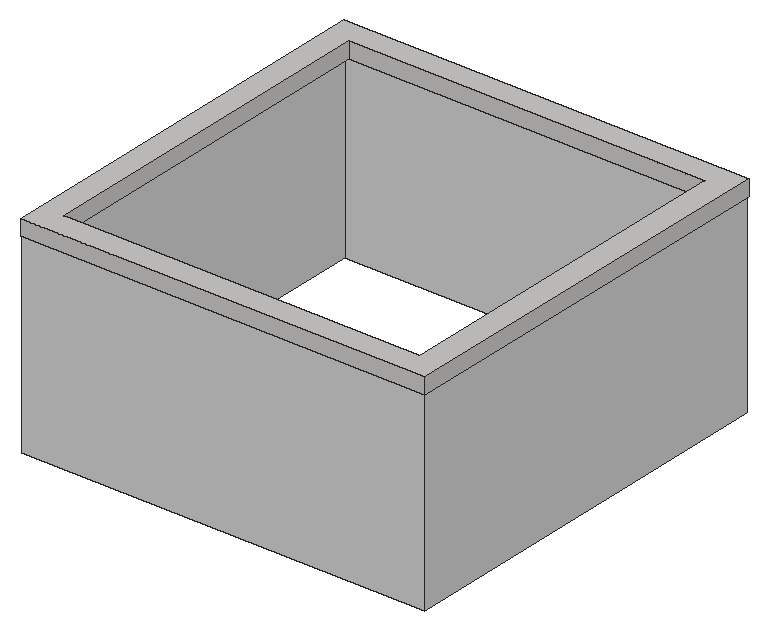
Revit family "Door-Systems_Accordion-Fire-Smoke-Curtain_4-sides", category Specialty Equipment, Revit 2026
Family settings
  Round Connector Dimension = Use Diameter
  Part Type = Normal
  Classification Number = 23.30.60.17
  Work Plane-Based = No
  Enable Cutting in Views = No
  Always vertical = Yes
  Cut with Voids When Loaded = No
  Maintain Annotation Orientation = No
  Shared = No
  Room Calculation Point = No
Parameters
  URL = "www.doorsysinc.com"
  Manufacturer Info [instance] = "https://www.arcat.com/arcatcos/cos50/arc50183.html"  # constant formula
  Manufacturer = "DSI Smoke and FIre Curtains"
  Description = "UL10D Fire Curtain"
  Default Elevation = 0' - 0"
  Curtain_Width [instance] = 25' - 0"
  Curtain_Length [instance] = 25' - 0"
  Curtain_Height [instance] = 12' - 0"
Reference planes (in)
  plane 1 "Center (Front/Back)": y = 0
  plane 2: z = 0
  plane 3 "Center (Left/Right)": x = 0
  plane 4: z = 144
  plane 5: y = 300
  plane 6: x = 300
Dimensions and locks (in)
  "Curtain_Height": plane 4 to level
  "Curtain_Length": plane 3 "Center (Left/Right)" to plane 6
  "Curtain_Width": plane 1 "Center (Front/Back)" to plane 5
  nested 1 to plane 4 = 0' - 11 3/4"
  aligned and locked: level to plane 2
  aligned and locked: nested 1 to plane 4
  aligned and locked: plane 6 to nested 2
  aligned and locked: plane 5 to nested 2
  aligned and locked: plane 5 to nested 1
  aligned and locked: plane 6 to nested 1
Nested families (in)
  nested 1: "Head_System_4-sides" at (0, 0, 144), type "Head_System_4-sides"
    with Head_Width 25' - 0", Head_Length 25' - 0"
  nested 2: "Curtain_System_4-sides" at (0, 0, 0), Curtain_Height <- "Curtain_Height", type "Curtain_System_4-sides"
    with Curtain_Width 25' - 0", Curtain_Length 25' - 0", Curtain_Height 12' - 0"
Definition of nested family "Head_System_4-sides"
  Parameters (values of type "Head_System")
    Head_Width [instance] = 20' - 0"
    Head_Track_Width = 1' - 5 3/4"
    Head_Length [instance] = 20' - 0"
    Default Elevation = 0' - 0"
  Reference planes (in)
    plane 1 "Center (Front/Back)": y = 0
    plane 2: z = 0
    plane 3 "Center (Left/Right)": x = 0
    plane 4: x = 240
    plane 5: y = 240
    plane 6: x = 17.75
    plane 7: y = 222.25
    plane 8: x = 222.25
    plane 9: y = 17.75
    plane 10: z = 11.75
  Forms (in)
    Extrusion 1, solid
      sketch origin (0, 0, 0) x (1, 0, 0) y (0, 1, 0)
        loop
          line (0, 240) -> (0, 0) -> (240, 0) -> (240, 240) -> (0, 240)
        loop
          line (17.75, 222.25) -> (17.75, 17.75) -> (222.25, 17.75) -> (222.25, 222.25) -> (17.75, 222.25)
      from 0 to 11.75
  Dimensions and locks (in)
    "Head_Length": plane 3 "Center (Left/Right)" to plane 4
    "Head_Width": plane 1 "Center (Front/Back)" to plane 5
    "Head_Track_Width": plane 3 "Center (Left/Right)" to plane 6
    "Head_Track_Width": plane 8 to plane 4
    "Head_Track_Width": plane 7 to plane 5
    "Head_Track_Width": plane 1 "Center (Front/Back)" to plane 9
    aligned and locked: plane 2 to level
    aligned and locked: plane 5 to Extrusion 1 sketch curve
    aligned and locked: plane 3 "Center (Left/Right)" to Extrusion 1 sketch curve
    aligned and locked: Extrusion 1 sketch curve to plane 1 "Center (Front/Back)"
    aligned and locked: Extrusion 1 sketch curve to plane 4
    aligned and locked: plane 7 to Extrusion 1 sketch curve
    aligned and locked: plane 6 to Extrusion 1 sketch curve
    aligned and locked: Extrusion 1 sketch curve to plane 9
    aligned and locked: Extrusion 1 sketch curve to plane 8
    aligned and locked: Extrusion 1 to plane 10
Definition of nested family "Curtain_System_4-sides"
  Parameters (values of type "Curtain_System_4-sides")
    Default Elevation = 0' - 0"
    Curtain_Width [instance] = 20' - 0"
    Curtain_Track_Width = 0' - 11"
    Curtain_Length [instance] = 20' - 0"
    Curtain_Height [instance] = 12' - 0"
  Reference planes (in)
    plane 1 "Center (Front/Back)": y = 0
    plane 2: z = 0
    plane 3 "Center (Left/Right)": x = 0
    plane 4: x = 240
    plane 5: y = 240
    plane 6: z = 144
    plane 7: x = 17.75
    plane 8: y = 222.25
    plane 9: x = 222.25
    plane 10: y = 17.75
    plane 11: y = 0.75
    plane 12: x = 239.25
    plane 13: x = 0.75
    plane 14: x = 2.4375
    plane 15: x = 237.5625
    plane 16: y = 239.25
    plane 17: y = 237.5625
    plane 18: y = 2.4375
  Forms (in)
    Extrusion 1, solid
      sketch origin (0, 0, 0) x (1, 0, 0) y (0, 1, 0)
        loop
          line (0.75, 239.25) -> (0.75, 0.75) -> (239.25, 0.75) -> (239.25, 239.25) -> (0.75, 239.25)
        loop
          line (2.4375, 237.5625) -> (2.4375, 2.4375) -> (237.5625, 2.4375) -> (237.5625, 237.5625) -> (2.4375, 237.5625)
      from 0 to 144
  Dimensions and locks (in)
    "Curtain_Length": plane 3 "Center (Left/Right)" to plane 4
    "Curtain_Width": plane 1 "Center (Front/Back)" to plane 5
    "Curtain_Height": plane 6 to level
    locked: Extrusion 1 sketch curve to Extrusion 1 sketch curve at 1.6875  (x4)
    plane 8 to plane 17 to plane 16 to plane 5 = 1' - 3 5/16" locked, 0' - 1 11/16" locked, 0' - 0 3/4" locked
    plane 3 "Center (Left/Right)" to plane 13 to plane 14 to plane 7 = 0' - 0 3/4" locked, 0' - 1 11/16" locked, 1' - 3 5/16" locked
    plane 1 "Center (Front/Back)" to plane 11 to plane 18 to plane 10 = 0' - 0 3/4" locked, 0' - 1 11/16" locked, 1' - 3 5/16" locked
    plane 9 to plane 15 to plane 12 to plane 4 = 1' - 3 5/16" locked, 0' - 1 11/16" locked, 0' - 0 3/4" locked
    aligned and locked: plane 2 to level
    aligned and locked: Extrusion 1 to plane 6
    aligned and locked: Extrusion 1 to plane 13
  Automatic sketch dimensions
    Extrusion 1 sketch curve to plane 1 "Center (Front/Back)" = 0' - 2 7/16"
    plane 9 to Extrusion 1 sketch curve = 1' - 3 5/16"
    Extrusion 1 sketch curve to plane 14 = 0' - 0"
    Extrusion 1 sketch curve to plane 8 = 1' - 3 5/16"
